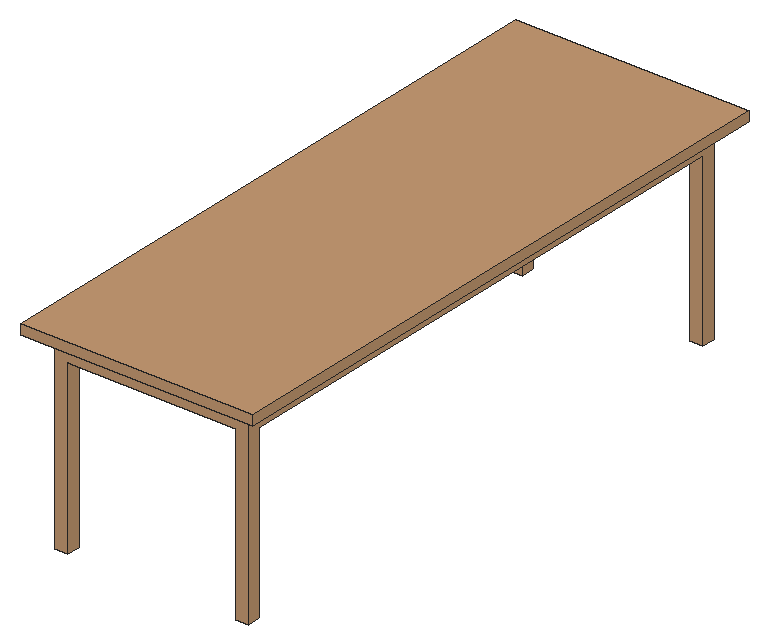
Revit family
Parameters (values of type "36" x 96"")
  Width = 3' - 0"
  Rail Depth [instance] = 0' - 3 1/2"
  Leg Width [instance] = 0' - 2"
  Leg Offset [instance] = 0' - 4"
  Leg Depth [instance] = 0' - 2"
  Heigth [instance] = 2' - 6"
  Depth = 8' - 0"
Reference planes (in)
  plane 1 "Center (Front/Back)": y = 0
  plane 2: z = 0
  plane 3 "Center (Left/Right)": x = 0
  plane 4: x = -18
  plane 5: x = -14
  plane 6: x = 14
  plane 7: x = 18
  plane 8: y = 44
  plane 9: y = 48
  plane 10: y = -44
  plane 11: y = -48
  plane 12: z = 30
Forms (in)
  Extrusion 1, solid
    sketch origin (-36.92822, -180, 30) x (-1, 0, 0) y (0, -1, 0)
      loop
        line (-18.92822, -228) -> (-18.92822, -132) -> (-54.92822, -132) -> (-54.92822, -228) -> (-18.92822, -228)
    from 0 to 1.5
  Extrusion 2, solid
    sketch origin (45.08007, 44, 48) x (1, 0, 0) y (0, 0, 1)
      loop
        line (-59.08007, -18) -> (-59.08007, -21.5) -> (-31.08007, -21.5) -> (-31.08007, -18) -> (-59.08007, -18)
    from 0 to -1
  Extrusion 3, solid
    sketch origin (45.08007, -44, 48) x (1, 0, 0) y (0, 0, 1)
      loop
        line (-59.08007, -18) -> (-59.08007, -21.5) -> (-31.08007, -21.5) -> (-31.08007, -18) -> (-59.08007, -18)
    from 0 to 1
  Extrusion 4, solid
    sketch origin (-14, 47.0445, 48) x (0, 1, 0) y (0, 0, 1)
      loop
        line (-3.0445, -18) -> (-91.0445, -18) -> (-91.0445, -21.5) -> (-3.0445, -21.5) -> (-3.0445, -18)
    from 0 to -1
  Extrusion 5, solid
    sketch origin (14, 47.0445, 48) x (0, 1, 0) y (0, 0, 1)
      loop
        line (-91.0445, -21.5) -> (-3.0445, -21.5) -> (-3.0445, -18) -> (-91.0445, -18) -> (-91.0445, -21.5)
    from 0 to 1
  Extrusion 6, solid
    sketch origin (0, 0, 0) x (1, 0, 0) y (0, 1, 0)
      loop
        line (-15, 43) -> (-13, 43) -> (-13, 45) -> (-15, 45) -> (-15, 43)
    from 0 to 30
  Extrusion 7, solid
    sketch origin (40, 0, 0) x (1, 0, 0) y (0, 1, 0)
      loop
        line (-27, 43) -> (-25, 43) -> (-25, 45) -> (-27, 45) -> (-27, 43)
    from 0 to 30
  Extrusion 8, solid
    sketch origin (40, -40, 0) x (1, 0, 0) y (0, 1, 0)
      loop
        line (-27, -5) -> (-25, -5) -> (-25, -3) -> (-27, -3) -> (-27, -5)
    from 0 to 30
  Extrusion 9, solid
    sketch origin (0, -40, 0) x (1, 0, 0) y (0, 1, 0)
      loop
        line (-15, -5) -> (-13, -5) -> (-13, -3) -> (-15, -3) -> (-15, -5)
    from 0 to 30
Cuts and joins
  joined: Extrusion 2, Extrusion 3, Extrusion 4, Extrusion 5, Extrusion 6, Extrusion 7, Extrusion 8, Extrusion 9
Lines and regions (in)
  sketch lines
    curve 1: line (-60, 60, 0) -> (60, 60, 0)
    curve 2: line (-60, 60, 0) -> (-60, -60, 0)
    curve 3: line (-60, -60, 0) -> (60, -60, 0)
    curve 4: line (60, 60, 0) -> (60, -60, 0)
Dimensions and locks (in)
  equal spacing: curve 3, plane 1 "Center (Front/Back)", curve 1
  equal spacing: curve 4, plane 3 "Center (Left/Right)", curve 2
  curve 3 to curve 1 = 10' - 0"
  curve 2 to curve 4 = 10' - 0"
  "Leg Offset": plane 4 to plane 5
  "Leg Offset": plane 6 to plane 7
  "Leg Offset": plane 11 to plane 10
  "Leg Offset": plane 8 to plane 9
  equal spacing: plane 11, plane 1 "Center (Front/Back)", plane 9
  equal spacing: plane 4, plane 3 "Center (Left/Right)", plane 7
  "Width": plane 4 to plane 7
  "Depth": plane 11 to plane 9
  "Heigth": plane 12 to level
  equal spacing: Extrusion 6 sketch curve, plane 5, Extrusion 6 sketch curve
  equal spacing: Extrusion 6 sketch curve, plane 8, Extrusion 6 sketch curve
  "Leg Width": Extrusion 6 sketch curve to Extrusion 6 sketch curve
  "Leg Depth": Extrusion 6 sketch curve to Extrusion 6 sketch curve
  Extrusion 7 sketch curve to Extrusion 7 sketch curve = 0' - 2"  (x2)
  "Leg Width": Extrusion 7 sketch curve to Extrusion 7 sketch curve
  "Leg Depth": Extrusion 7 sketch curve to Extrusion 7 sketch curve
  Extrusion 8 sketch curve to Extrusion 8 sketch curve = 0' - 2"  (x2)
  "Leg Width": Extrusion 8 sketch curve to Extrusion 8 sketch curve
  "Leg Depth": Extrusion 8 sketch curve to Extrusion 8 sketch curve
  Extrusion 9 sketch curve to Extrusion 9 sketch curve = 0' - 2"  (x2)
  "Leg Width": Extrusion 9 sketch curve to Extrusion 9 sketch curve
  "Leg Depth": Extrusion 9 sketch curve to Extrusion 9 sketch curve
  "Rail Depth": plane 12 to Extrusion 3 sketch curve
  "Rail Depth": Extrusion 2 sketch curve to plane 12
  "Rail Depth": plane 12 to Extrusion 4 sketch curve
  "Rail Depth": plane 12 to Extrusion 5 sketch curve
  aligned and locked: plane 12 to Extrusion 6
Automatic sketch dimensions
  Extrusion 1 sketch curve to plane 7 = 0' - 0"
  Extrusion 1 sketch curve to plane 4 = 0' - 0"
  Extrusion 1 sketch curve to plane 9 = 0' - 0"
  Extrusion 1 sketch curve to plane 11 = 0' - 0"
  Extrusion 2 sketch curve to plane 5 = 0' - 0"
  Extrusion 2 sketch curve to plane 6 = 0' - 0"
  Extrusion 2 sketch curve to plane 12 = 0' - 0"
  Extrusion 3 sketch curve to plane 5 = 0' - 0"
  Extrusion 3 sketch curve to plane 6 = 0' - 0"
  Extrusion 3 sketch curve to plane 12 = 0' - 0"
  Extrusion 4 sketch curve to plane 10 = 0' - 0"
  Extrusion 4 sketch curve to plane 8 = 0' - 0"
  Extrusion 4 sketch curve to plane 12 = 0' - 0"
  Extrusion 5 sketch curve to plane 10 = 0' - 0"
  Extrusion 5 sketch curve to plane 8 = 0' - 0"
  Extrusion 5 sketch curve to plane 12 = 0' - 0"
  Extrusion 7 sketch curve to plane 6 = 0' - 1"
  plane 8 to Extrusion 7 sketch curve = 0' - 1"
  Extrusion 8 sketch curve to plane 6 = 0' - 1"
  plane 10 to Extrusion 8 sketch curve = 0' - 1"
  Extrusion 9 sketch curve to plane 5 = 0' - 1"
  plane 10 to Extrusion 9 sketch curve = 0' - 1"
